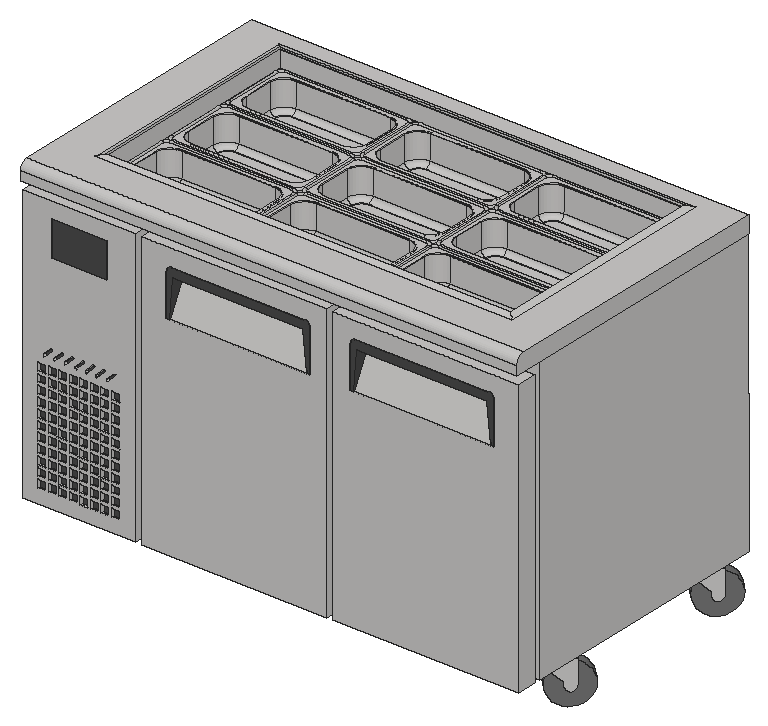
Revit family "QF_Turbo Air_JBT-48", category Specialty Equipment, Revit 2012 (continued)
Definition of nested family "QF_Turbo Air_SNZ_cat"
  Forms (in)
    Extrusion 2, solid, material "QF_Finishes_Stainless Steel"
      sketch origin (0, 0, 0) x (1, 0, 0) y (0, 1, 0)
        loop
          line (3.38831, -1) -> (3.38831, 1) -> (2.38831, 1) -> (2.38831, -1) -> (3.38831, -1)
      from 0.125 to 16.125
    Extrusion 3, solid, material "QF_Finishes_Glass"
      sketch origin (-44.61169, 0, 0) x (0, 1, 0) y (0, 0, 1)
        loop
          line (-4, 17.25) -> (-11.0625, 12.30478) -> (-11.0625, 11.01894) -> (-10.9375, 11.01894) -> (-10.9375, 12.23971) -> (-3.96059, 17.125) -> (3.96059, 17.125) -> (10.9375, 12.23971) -> (10.9375, 11.01894) -> (11.0625, 11.01894) -> (11.0625, 12.30478) -> (4, 17.25) -> (-4, 17.25)
      from 0 to 48
    Extrusion 4, solid, material "QF_Finishes_Stainless Steel"
      sketch origin (-44.61169, 0, 0) x (0, 1, 0) y (0, 0, 1)
        loop
          line (10.9375, 12.23971) -> (3.96059, 17.125) -> (-3.96059, 17.125) -> (-10.9375, 12.23971) -> (-10.9375, 11.01894) -> (-3.64529, 16.125) -> (3.64529, 16.125) -> (10.9375, 11.01894) -> (10.9375, 12.23971)
      from 0 to 1
    Extrusion 5, solid, material "QF_Finishes_Stainless Steel"
      sketch origin (3.38831, 0, 0) x (0, 1, 0) y (0, 0, 1)
        loop
          line (10.9375, 12.23971) -> (3.96059, 17.125) -> (-3.96059, 17.125) -> (-10.9375, 12.23971) -> (-10.9375, 11.01894) -> (-3.64529, 16.125) -> (3.64529, 16.125) -> (10.9375, 11.01894) -> (10.9375, 12.23971)
      from 0 to -1
    Extrusion 6, solid, material "QF_Finishes_Stainless Steel"
      sketch origin (-44.61169, 0, 0) x (0, 1, 0) y (0, 0, 1)
        loop
          line (-0.5, 17.125) -> (-0.5, 16.125) -> (0.5, 16.125) -> (0.5, 17.125) -> (-0.5, 17.125)
      from 1 to 47
  Lines and regions (in)
    symbolic lines, style "QF_Overcounter Details"
      curve 1: line (-44.61169, 11.0625, 0.25) -> (3.38831, 11.0625, 0.25)
      curve 2: line (-44.61169, -11.0625, 0.25) -> (-44.61169, 11.0625, 0.25)
      curve 3: line (3.38831, -11.0625, 0.25) -> (-44.61169, -11.0625, 0.25)
      curve 4: line (3.38831, 11.0625, 0.25) -> (3.38831, -11.0625, 0.25)
      curve 5: line (-44.61169, -4, 0.25) -> (3.38831, -4, 0.25)
      curve 6: line (-44.61169, 4, 0.25) -> (3.38831, 4, 0.25)
  Dimensions and locks (in)
    plane 5 to plane 4 = 1' - 10 1/8"
    equal spacing: plane 5, plane 1 "CENTER FB", plane 4
    "Width": plane 6 "RIGHT" to plane 3 "LEFT"
    plane 7 to plane 2 = 1' - 5 1/4"
    locked: plane 8 to plane 2 at 1.5
    locked: plane 7 to plane 9 at 0.125
    locked: plane 9 to plane 10 at 1
    locked: plane 3 "LEFT" to Extrusion 1 sketch curve at 1.5
    locked: Extrusion 1 sketch curve to plane 3 "LEFT" at 0.125
    locked: Extrusion 1 sketch curve to level at 0.125  (x2)
    locked: plane 6 "RIGHT" to Extrusion 1 sketch curve at 0.125
    locked: Extrusion 1 sketch curve to plane 6 "RIGHT" at 1.5
    Extrusion 2 sketch curve to plane 1 "CENTER FB" to Extrusion 2 sketch curve = 0' - 1" locked, 0' - 1" locked  (x2)
    locked: plane 3 "LEFT" to Extrusion 2 sketch curve at 1
    locked: Extrusion 2 sketch curve to plane 6 "RIGHT" at 1
    locked: plane 4 to Extrusion 3 sketch curve at 0.125
    locked: Extrusion 3 sketch curve to plane 5 at 0.125
    locked: Extrusion 3 sketch curve to plane 9 at 6.10606
    locked: plane 9 to Extrusion 3 sketch curve at 6.10606
    locked: plane 10 to Extrusion 4 sketch curve at 5.10606  (x2)
    locked: plane 10 to Extrusion 5 sketch curve at 5.10606  (x2)
    Extrusion 6 sketch curve to plane 1 "CENTER FB" to Extrusion 6 sketch curve = 0' - 0 1/2" locked, 0' - 0 1/2" locked
    locked: plane 3 "LEFT" to Extrusion 6 at 1
    locked: plane 6 "RIGHT" to Extrusion 6 at 1
    aligned and locked: level to plane 2
    aligned and locked: Extrusion 1 sketch curve to plane 3 "LEFT"
    aligned and locked: Extrusion 1 sketch curve to level
    aligned and locked: Extrusion 1 sketch curve to plane 8
    aligned and locked: level to Extrusion 1 sketch curve
    aligned and locked: Extrusion 1 sketch curve to plane 6 "RIGHT"
    aligned and locked: plane 8 to Extrusion 1 sketch curve
    aligned and locked: plane 3 "LEFT" to Extrusion 2 sketch curve
    aligned and locked: plane 6 "RIGHT" to Extrusion 2 sketch curve
    aligned and locked: plane 10 to Extrusion 2
    aligned and locked: plane 9 to Extrusion 3 sketch curve
    aligned and locked: plane 7 to Extrusion 3 sketch curve
    aligned and locked: Extrusion 3 sketch curve to plane 4
    aligned and locked: Extrusion 3 sketch curve to plane 5
    aligned and locked: plane 6 "RIGHT" to Extrusion 3
    aligned and locked: plane 9 to Extrusion 4 sketch curve
    aligned and locked: plane 10 to Extrusion 4 sketch curve
    aligned and locked: Extrusion 5 sketch curve to plane 9
    aligned and locked: Extrusion 5 sketch curve to plane 10
    aligned and locked: plane 9 to Extrusion 6 sketch curve
    aligned and locked: Extrusion 6 sketch curve to plane 10
    aligned and locked: plane 3 "LEFT" to curve 2
    aligned and locked: curve 3 to plane 5
    aligned and locked: plane 4 to curve 1
    aligned and locked: curve 4 to plane 6 "RIGHT"
    aligned and locked: curve 6 to Extrusion 3
    aligned and locked: curve 5 to Extrusion 3
  Automatic sketch dimensions
    plane 1 "CENTER FB" to Extrusion 3 sketch curve = 0' - 4"
    Extrusion 3 sketch curve to Extrusion 3 sketch curve = 0' - 0.03941"  (x2)
    Extrusion 3 sketch curve to plane 1 "CENTER FB" = 0' - 3.96059"
    Extrusion 3 sketch curve to Extrusion 3 sketch curve = 0' - 1.22077"  (x2)
    Extrusion 3 sketch curve to Extrusion 3 sketch curve = 0' - 0.06507"  (x2)
    Extrusion 4 sketch curve to plane 5 = 0' - 0 1/8"
    plane 1 "CENTER FB" to Extrusion 4 sketch curve = 0' - 3.96059"
    Extrusion 4 sketch curve to Extrusion 4 sketch curve = 0' - 0.3153"  (x2)
    Extrusion 4 sketch curve to plane 1 "CENTER FB" = 0' - 3.64529"
    plane 4 to Extrusion 4 sketch curve = 0' - 0 1/8"
    Extrusion 4 sketch curve to Extrusion 4 sketch curve = 0' - 1.22077"  (x2)
    Extrusion 5 sketch curve to plane 5 = 0' - 0 1/8"
    plane 1 "CENTER FB" to Extrusion 5 sketch curve = 0' - 3.96059"
    Extrusion 5 sketch curve to Extrusion 5 sketch curve = 0' - 0.3153"  (x2)
    Extrusion 5 sketch curve to plane 1 "CENTER FB" = 0' - 3.64529"
    plane 4 to Extrusion 5 sketch curve = 0' - 0 1/8"
    Extrusion 5 sketch curve to Extrusion 5 sketch curve = 0' - 1.22077"  (x2)
